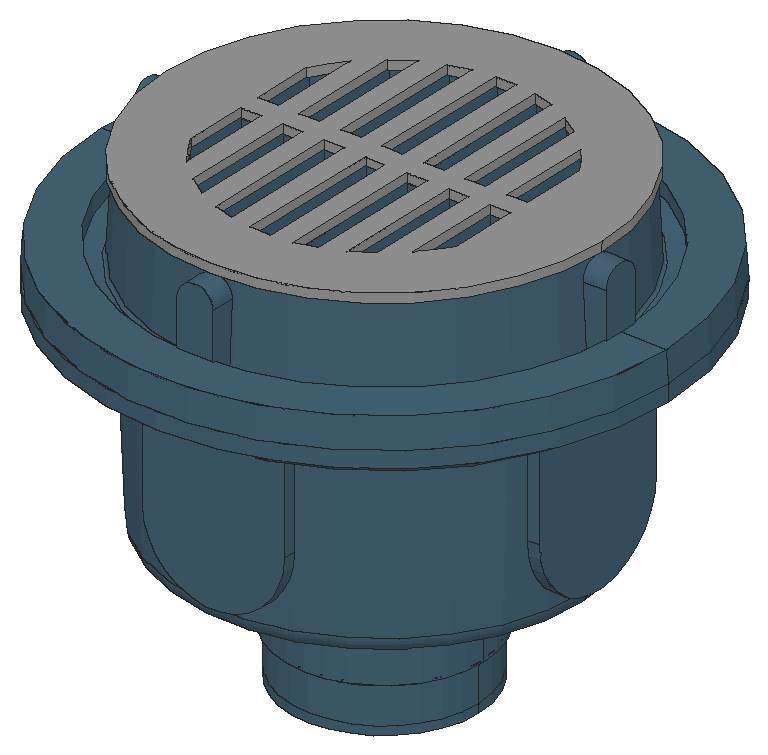
Revit family "Drain_Floor_9_Inch-Zurn -Z511-Heavy-Duty", category Plumbing Fixtures, Revit 2022
Family settings
  Round Connector Dimension = Use Radius
  Part Type = Normal
  OmniClass Number = 23.70.50.21.24.14
  OmniClass Title = Deck Waste Water Drains
  Work Plane-Based = No
  Always vertical = Yes
  Cut with Voids When Loaded = No
  Maintain Annotation Orientation = No
  Shared = No
  Room Calculation Point = No
Parameters (values of type "Load Family Type Catalog")
  Waste Connection = 1 = 1  # yes
  WFU = 1  # constant formula
  Vent Connection = 1 = 0  # no
  URL = "www.zurn.com"
  Type Comments = "ZN511-3 Inch IC Outlet"
  TopHeight = yes
  Top Material [instance] = Bronze - Zurn - Polished Nickel
  Product data url = "https://www.bimobject.com/en-us/zurnindustries/product/zurn-z511"
  Product Page URL = "https://www.zurn.com/products/drainage-interceptors/floor-drains/area-drains/z511"
  Product Documentation Link = "https://files.zurn.com/spec-sheets/z511.pdf"
  Pipe Size "A"(Outer Radius) = [Pipe Size "A" (Outer Diameter)] / 2  # 1.750"
  Pipe Size "A" (Inner Diameter) = 3.068"
  Pipe Size "A"(Innr Radius) = [Pipe Size "A" (Inner Diameter)] / 2  # 1.534"
  Pipe Size "A" (Outer Diameter) = 3.500"
  Pipe Size "A" (Nominal Radius) = [Pipe Size "A"(Nominal Diameter)] / 2  # 1.500"
  Pipe Size "A"(Nominal Diameter) = 3.000"
  Modified Date = "11/19/2025"  # constant formula
  Model = "ZN511"
  Manufacurer Brand = "Zurn"  # constant formula
  Manufacturer = "Zurn Water, LLC"  # constant formula
  Main Material [instance] = Iron - Zurn , Cast - Painted - Blue
  HWFU = 0  # constant formula
  HW Connection = 1 = 0  # no
  Grate Open Area = 18.00 in²
  Grate Model line radius = if(TopHeight, 4.594", 4.500")  # 4.594"
  FrameHeight = if(TopHeight, 2.188", 2.000")  # 2.188"
  Description = "9 [229]  DIAMETER HEAVY-DUTY DRAIN W/INTEGRAL TRAP PRIMER CONNECTION"  # constant formula
  Default Elevation = 20.000"  # constant formula
  Date Created = "04/03/2019"  # constant formula
  CWFU = 0  # constant formula
  CW Connection = 1 = 0  # no
  Assembly Code = "D2030300"
  Approx. Weight (Lbs) = 40.000"
  "E" Body Height = 7.625"
Types (19): name | Type Comments | TopHeight | Top Material | Pipe Size "A"(Outer Radius) | Pipe Size "A" (Inner Diameter) | Pipe Size "A"(Innr Radius) | Pipe Size "A" (Outer Diameter) | Pipe Size "A" (Nominal Radius) | Pipe Size "A"(Nominal Diameter) | Model | Grate Model line radius | FrameHeight | "E" Body Height
  Load Family Type Catalog | "ZN511-3 Inch IC Outlet" | yes | Bronze - Zurn - Polished Nickel | 1.750" | 3.068" | 1.534" | 3.500" | 1.500" | 3.000" | "ZN511" | 4.594" | 2.188" | 7.625"
  ZN511-4 NL | "ZN511 With 4 Inch Neo-Loc Outlet" | yes | Bronze - Zurn - Polished Nickel | 2.250" | 4.026" | 2.013" | 4.500" | 2.000" | 4.000" | "ZN511" | 4.594" | 2.188" | 6.875"
  ZN511-3 NL | "ZN511 With 3 Inch Neo-Loc Outlet" | yes | Bronze - Zurn - Polished Nickel | 1.750" | 3.068" | 1.534" | 3.500" | 1.500" | 3.000" | "ZN511" | 4.594" | 2.188" | 6.875"
  ZN511-2 NL | "ZN511 With 2 Inch Neo-Loc Outlet" | yes | Bronze - Zurn - Polished Nickel | 1.1875" | 2.067" | 1.0335" | 2.375" | 1.000" | 2.000" | "ZN511" | 4.594" | 2.188" | 6.875"
  ZN511-4 IP | "ZN511 With 3 Inch Threaded Outlet" | yes | Bronze - Zurn - Polished Nickel | 2.250" | 4.026" | 2.013" | 4.500" | 2.000" | 4.000" | "ZN511" | 4.594" | 2.188" | 7.625"
  ZN511-3 IP | "ZN511 With 3 Inch Threaded Outlet" | yes | Bronze - Zurn - Polished Nickel | 1.750" | 3.068" | 1.534" | 3.500" | 1.500" | 3.000" | "ZN511" | 4.594" | 2.188" | 7.625"
  ZN511-4 IG | "ZN511 With 4 Inch Inside Gasket Outlet" | yes | Bronze - Zurn - Polished Nickel | 2.250" | 4.026" | 2.013" | 4.500" | 2.000" | 4.000" | "ZN511" | 4.594" | 2.188" | 7.625"
  ZN511-3 IG | "ZN511 With 3 Inch Inside Gasket Outlet" | yes | Bronze - Zurn - Polished Nickel | 1.750" | 3.068" | 1.534" | 3.500" | 1.500" | 3.000" | "ZN511" | 4.594" | 2.188" | 7.625"
  ZN511-4 IC | "ZN511 With 4 Inch Inside Caulk Outlet" | yes | Bronze - Zurn - Polished Nickel | 2.250" | 4.026" | 2.013" | 4.500" | 2.000" | 4.000" | "ZN511" | 4.594" | 2.188" | 7.625"
  ZN511-3 IC | "ZN511 With 3 Inch Inside Caulk Outlet" | yes | Bronze - Zurn - Polished Nickel | 1.750" | 3.068" | 1.534" | 3.500" | 1.500" | 3.000" | "ZN511" | 4.594" | 2.188" | 7.625"
  Z511-4 NL | "Z511 With 4 Inch Neo-Loc Outlet" | no | Iron - Zurn , Cast - Painted - Blue | 2.250" | 4.026" | 2.013" | 4.500" | 2.000" | 4.000" | "Z511" | 4.500" | 2.000" | 6.875"
  Z511-3 NL | "Z511 With 3 Inch Neo-Loc Outlet" | no | Iron - Zurn , Cast - Painted - Blue | 1.750" | 3.068" | 1.534" | 3.500" | 1.500" | 3.000" | "Z511" | 4.500" | 2.000" | 6.875"
  Z511-2 NL | "Z511 With 2 Inch Neo-Loc Outlet" | no | Iron - Zurn , Cast - Painted - Blue | 1.1875" | 2.067" | 1.0335" | 2.375" | 1.000" | 2.000" | "Z511" | 4.500" | 2.000" | 6.875"
  Z511-4 IP | "Z511 With 3 Inch Threaded Outlet" | no | Iron - Zurn , Cast - Painted - Blue | 2.250" | 4.026" | 2.013" | 4.500" | 2.000" | 4.000" | "Z511" | 4.500" | 2.000" | 7.625"
  Z511-3 IP | "Z511 With 3 Inch Threaded Outlet" | no | Iron - Zurn , Cast - Painted - Blue | 1.750" | 3.068" | 1.534" | 3.500" | 1.500" | 3.000" | "Z511" | 4.500" | 2.000" | 7.625"
  Z511-4 IG | "Z511 With 4 Inch Inside Gasket Outlet" | no | Iron - Zurn , Cast - Painted - Blue | 2.250" | 4.026" | 2.013" | 4.500" | 2.000" | 4.000" | "Z511" | 4.500" | 2.000" | 7.625"
  Z511-3 IG | "Z511 With 3 Inch Inside Gasket Outlet" | no | Iron - Zurn , Cast - Painted - Blue | 1.750" | 3.068" | 1.534" | 3.500" | 1.500" | 3.000" | "Z511" | 4.500" | 2.000" | 7.625"
  Z511-4 IC | "Z511 With 4 Inch Inside Caulk Outlet" | no | Iron - Zurn , Cast - Painted - Blue | 2.250" | 4.026" | 2.013" | 4.500" | 2.000" | 4.000" | "Z511" | 4.500" | 2.000" | 7.625"
  Z511-3 IC | "Z511 With 3 Inch Inside Caulk Outlet" | no | Iron - Zurn , Cast - Painted - Blue | 1.750" | 3.068" | 1.534" | 3.500" | 1.500" | 3.000" | "Z511" | 4.500" | 2.000" | 7.625"
Reference planes (in)
  plane 1 "Center (Front/Back)": y = 0
  plane 2: z = 0
  plane 3 "Center (Left/Right)": x = 0
  plane 4: x = -4.5
  plane 5: x = 4.5
  plane 6: x = -6
  plane 7: x = 6
  plane 8: z = -2.188
  plane 9 "Outlet": z = -9.813
  plane 10: z = -0.625
  plane 11: z = -2.5005
  plane 12: x = 1.75
  plane 13: x = -1.75
  plane 14: x = 1.534
  plane 15: x = -1.534
  plane 16: x = 1.5
  plane 17: x = -1.5
  plane 18: x = 5.125
  plane 19: x = 4.25
  plane 20: x = 3.84375
  plane 21: z = -3.563
  plane 22: z = -7.063
  plane 23: y = 4.5
  plane 24: y = -4.5
  plane 25: x = 4.0625
  plane 26: y = 1.5
  plane 27: y = -1.5
  plane 28: y = 4
  plane 29: x = -4
  plane 30: z = -0.188
  plane 31: x = -0.24516
  plane 32: x = 0.19234
  plane 33: x = 0.62984
  plane 34: x = 1.06734
  plane 35: x = 1.50484
  plane 36: x = 1.94234
  plane 37: x = 2.37984
  plane 38: x = 2.81734
  plane 39: x = -0.68266
  plane 40: x = -1.12016
  plane 41: x = -1.55766
  plane 42: x = -1.99516
  plane 43: x = -2.43266
  plane 44: x = -2.87016
Forms (in)
  Revolve 1, solid, material "Iron - Zurn , Cast - Painted - Blue" <- "Main Material", detail levels fine
    sketch origin (0, 0, 0) x (1, 0, 0) y (0, 0, 1)
      loop
        line (3.84375, -2.5005) -> (4.85928, -2.5005) -> (5.5, -2.188) -> (6, -2.188) -> (5.96059, -1.55176) -> (5, -1.55176) -> (5, -1.87934) -> (4.66058, -1.93309)
        arc (4.66058, -1.93309) -> (4.61147, -1.91994) -> (4.58839, -1.87463) r 0.0625
        line (4.58839, -1.87463) -> (4.5, -0.188) -> (4.0625, -0.188) -> (4.05267, -0.7511)
        arc (4.05267, -0.7511) -> (4.03384, -0.79493) -> (3.98968, -0.813) r 0.063
        line (3.98968, -0.813) -> (3.90625, -0.813)
        arc (3.90625, -0.813) -> (3.86206, -0.83131) -> (3.84375, -0.8755) r 0.0625
        line (3.84375, -0.8755) -> (3.787, -2.5005) -> (3.84375, -2.5005)
      axis (0, -0.188) -> (0, -2.5005)
    angle from 0 to 360
  Revolve 2, solid, material "Iron - Zurn , Cast - Painted - Blue" <- "Main Material", detail levels fine
    sketch origin (0, 0, 0) x (1, 0, 0) y (0, 0, 1)
      loop
        line (6, -2.188) -> (5.5, -2.188) -> (4.85928, -2.5005) -> (4.19148, -2.5005) -> (4.02242, -6.69304)
        arc (4.02242, -6.69304) -> (3.98411, -6.77815) -> (3.89752, -6.813) r 0.125
        line (3.89752, -6.813) -> (1.75, -6.813) -> (1.75, -9.6302) -> (1.534, -9.6302) -> (1.534, -9.813) -> (2, -9.813) -> (2, -9.6302) -> (2, -8.876)
        arc (2, -8.876) -> (2.01845, -8.83145) -> (2.063, -8.813) r 0.063
        line (2.063, -8.813) -> (2.09375, -8.813) -> (2.09375, -7.063) -> (3.89752, -7.063)
        arc (3.89752, -7.063) -> (4.15729, -6.95845) -> (4.27222, -6.70311) r 0.375
        line (4.27222, -6.70311) -> (4.41939, -3.05341)
        arc (4.41939, -3.05341) -> (4.46588, -2.94117) -> (4.57813, -2.89468) r 0.15873
        line (4.57813, -2.89468) -> (5.14997, -2.89468) -> (5.42188, -2.89468) -> (6, -2.53342) -> (6, -2.188)
      axis (0, -2.188) -> (0, -9.813)
    angle from 0 to 360
  Extrusion 3, solid, material "Iron - Zurn , Cast - Painted - Blue" <- "Main Material", detail levels fine
    sketch origin (0, 0, 1.69245) x (0, 1, 0) y (0, 0, 1)
      loop
        line (0.37873, -3.62373) -> (0.37873, -2.31745)
        arc (0.37873, -2.31745) -> (0, -1.93872) -> (-0.37873, -2.31745) r 0.37873
        line (-0.37873, -2.31745) -> (-0.37873, -3.62373) -> (0.37873, -3.62373)
    from 4.47735 to 4.98855
  Extrusion 4, solid, material "Iron - Zurn , Cast - Painted - Blue" <- "Main Material", detail levels fine
    sketch origin (0, 0, 1.69245) x (-1, 0, 0) y (0, 0, 1)
      loop
        line (0.37873, -3.62373) -> (0.37873, -2.28925)
        arc (0.37873, -2.28925) -> (0, -1.91052) -> (-0.37873, -2.28925) r 0.37873
        line (-0.37873, -2.28925) -> (-0.37873, -3.62373) -> (0.37873, -3.62373)
    from 4.47735 to 4.98855
  Extrusion 5, solid, material "Iron - Zurn , Cast - Painted - Blue" <- "Main Material", detail levels fine
    sketch origin (0, 0, 1.69245) x (0, -1, 0) y (0, 0, 1)
      loop
        line (0.37873, -3.62373) -> (0.37873, -2.31745)
        arc (0.37873, -2.31745) -> (0, -1.93872) -> (-0.37873, -2.31745) r 0.37873
        line (-0.37873, -2.31745) -> (-0.37873, -3.62373) -> (0.37873, -3.62373)
    from 4.47735 to 4.98855
  Extrusion 6, solid, material "Iron - Zurn , Cast - Painted - Blue" <- "Main Material", detail levels fine
    sketch origin (0, 0, 1.69245) x (1, 0, 0) y (0, 0, 1)
      loop
        line (0.37873, -3.62373) -> (0.37873, -2.28925)
        arc (0.37873, -2.28925) -> (0, -1.91052) -> (-0.37873, -2.28925) r 0.37873
        line (-0.37873, -2.28925) -> (-0.37873, -3.62373) -> (0.37873, -3.62373)
    from 4.47735 to 4.98855
  Extrusion 7, solid, material "Iron - Zurn , Cast - Painted - Blue" <- "Main Material", detail levels fine
    sketch origin (0, 0, 1.69245) x (0, 1, 0) y (0, 0, 1)
      loop
        line (1.534, -4.74586) -> (-1.534, -4.74586) -> (-1.534, -6.77865)
        arc (-1.534, -6.77865) -> (0, -8.31265) -> (1.534, -6.77865) r 1.534
        line (1.534, -6.77865) -> (1.534, -4.74586)
    from 4.25 to 4.5
  Extrusion 8, solid, material "Iron - Zurn , Cast - Painted - Blue" <- "Main Material", detail levels fine
    sketch origin (0, 0, 1.69245) x (-1, 0, 0) y (0, 0, 1)
      loop
        line (1.5, -4.74586) -> (-1.5, -4.74586) -> (-1.5, -6.77865)
        arc (-1.5, -6.77865) -> (0, -8.27865) -> (1.5, -6.77865) r 1.5
        line (1.5, -6.77865) -> (1.5, -4.74586)
    from 4.25 to 4.5
  Extrusion 9, solid, material "Iron - Zurn , Cast - Painted - Blue" <- "Main Material", detail levels fine
    sketch origin (0, 0, 1.69245) x (0, -1, 0) y (0, 0, 1)
      loop
        line (1.534, -4.74586) -> (-1.534, -4.74586) -> (-1.534, -6.77865)
        arc (-1.534, -6.77865) -> (0, -8.31265) -> (1.534, -6.77865) r 1.534
        line (1.534, -6.77865) -> (1.534, -4.74586)
    from 4.25 to 4.5
  Extrusion 10, solid, material "Iron - Zurn , Cast - Painted - Blue" <- "Main Material", detail levels fine
    sketch origin (0, 0, 1.69245) x (1, 0, 0) y (0, 0, 1)
      loop
        line (1.5, -4.74586) -> (-1.5, -4.74586) -> (-1.5, -6.77865)
        arc (-1.5, -6.77865) -> (0, -8.27865) -> (1.5, -6.77865) r 1.5
        line (1.5, -6.77865) -> (1.5, -4.74586)
    from 4.25 to 4.5
  Extrusion 11, solid, material "Iron - Zurn , Cast - Painted - Blue" <- "Main Material", not visible, detail levels fine
    sketch origin (0, 0, 0) x (0, 1, 0) y (0, 0, 1)
      loop
        line (0.37873, -3.62373) -> (0.37873, -2.31745)
        arc (0.37873, -2.31745) -> (0, -1.93872) -> (-0.37873, -2.31745) r 0.37873
        line (-0.37873, -2.31745) -> (-0.37873, -3.62373) -> (0.37873, -3.62373)
    from 4.47735 to 4.98855
  Extrusion 12, solid, material "Iron - Zurn , Cast - Painted - Blue" <- "Main Material", not visible, detail levels fine
    sketch origin (0, 0, 0) x (-1, 0, 0) y (0, 0, 1)
      loop
        line (0.37873, -3.62373) -> (0.37873, -2.28925)
        arc (0.37873, -2.28925) -> (0, -1.91052) -> (-0.37873, -2.28925) r 0.37873
        line (-0.37873, -2.28925) -> (-0.37873, -3.62373) -> (0.37873, -3.62373)
    from 4.47735 to 4.98855
  Extrusion 13, solid, material "Iron - Zurn , Cast - Painted - Blue" <- "Main Material", not visible, detail levels fine
    sketch origin (0, 0, 0) x (0, -1, 0) y (0, 0, 1)
      loop
        line (0.37873, -3.62373) -> (0.37873, -2.31745)
        arc (0.37873, -2.31745) -> (0, -1.93872) -> (-0.37873, -2.31745) r 0.37873
        line (-0.37873, -2.31745) -> (-0.37873, -3.62373) -> (0.37873, -3.62373)
    from 4.47735 to 4.98855
  Extrusion 14, solid, material "Iron - Zurn , Cast - Painted - Blue" <- "Main Material", not visible, detail levels fine
    sketch origin (0, 0, 0) x (1, 0, 0) y (0, 0, 1)
      loop
        line (0.37873, -3.62373) -> (0.37873, -2.28925)
        arc (0.37873, -2.28925) -> (0, -1.91052) -> (-0.37873, -2.28925) r 0.37873
        line (-0.37873, -2.28925) -> (-0.37873, -3.62373) -> (0.37873, -3.62373)
    from 4.47735 to 4.98855
  Extrusion 15, solid, material "Iron - Zurn , Cast - Painted - Blue" <- "Main Material", not visible, detail levels fine
    sketch origin (0, 0, 0) x (0, 1, 0) y (0, 0, 1)
      loop
        line (1.5, -4.74586) -> (-1.5, -4.74586) -> (-1.5, -6.77865)
        arc (-1.5, -6.77865) -> (0, -8.27865) -> (1.5, -6.77865) r 1.5
        line (1.5, -6.77865) -> (1.5, -4.74586)
    from 4.25 to 4.5
  Extrusion 16, solid, material "Iron - Zurn , Cast - Painted - Blue" <- "Main Material", not visible, detail levels fine
    sketch origin (0, 0, 0) x (-1, 0, 0) y (0, 0, 1)
      loop
        line (1.5, -4.74586) -> (-1.5, -4.74586) -> (-1.5, -6.77865)
        arc (-1.5, -6.77865) -> (0, -8.27865) -> (1.5, -6.77865) r 1.5
        line (1.5, -6.77865) -> (1.5, -4.74586)
    from 4.25 to 4.5
  Extrusion 17, solid, material "Iron - Zurn , Cast - Painted - Blue" <- "Main Material", not visible, detail levels fine
    sketch origin (0, 0, 0) x (0, -1, 0) y (0, 0, 1)
      loop
        line (1.5, -4.74586) -> (-1.5, -4.74586) -> (-1.5, -6.77865)
        arc (-1.5, -6.77865) -> (0, -8.27865) -> (1.5, -6.77865) r 1.5
        line (1.5, -6.77865) -> (1.5, -4.74586)
    from 4.25 to 4.5
  Extrusion 18, solid, material "Iron - Zurn , Cast - Painted - Blue" <- "Main Material", not visible, detail levels fine
    sketch origin (0, 0, 0) x (1, 0, 0) y (0, 0, 1)
      loop
        line (1.5, -4.74586) -> (-1.5, -4.74586) -> (-1.5, -6.77865)
        arc (-1.5, -6.77865) -> (0, -8.27865) -> (1.5, -6.77865) r 1.5
        line (1.5, -6.77865) -> (1.5, -4.74586)
    from 4.25 to 4.5
  Extrusion 19, solid, not visible
    sketch origin (2.45572, 0.37159, -1.88045) x (1, 0, 0) y (0, 1, 0)
      loop
        circle (1.22874, 3.81428) r 0.30469
    from -1.23443 to -1.36376
  Extrusion 20, solid, not visible
    sketch origin (3.41701, -0.2585, -1.88045) x (1, 0, 0) y (0, 1, 0)
      loop
        circle (0.26745, 4.44436) r 0.22656
    from -1.23443 to -1.01083
  Extrusion 21, solid, not visible
    sketch origin (4.11172, -0.91282, -1.88045) x (1, 0, 0) y (0, 1, 0)
      loop
        circle (-0.42726, 5.09868) r 0.15625
    from -1.36376 to -2.81937
  Extrusion 22, solid, material "Iron - Zurn , Cast - Painted - Blue" <- "Main Material", not visible, detail levels fine
    sketch origin (0, 0, 0) x (0, 1, 0) y (0, 0, 1)
      loop
        line (1.534, -4.74586) -> (-1.534, -4.74586) -> (-1.534, -6.77865)
        arc (-1.534, -6.77865) -> (0, -8.31265) -> (1.534, -6.77865) r 1.534
        line (1.534, -6.77865) -> (1.534, -4.74586)
    from 4.25 to 4.5
  Extrusion 23, solid, material "Iron - Zurn , Cast - Painted - Blue" <- "Main Material", not visible, detail levels fine
    sketch origin (0, 0, 0) x (-1, 0, 0) y (0, 0, 1)
      loop
        line (1.5, -4.74586) -> (-1.5, -4.74586) -> (-1.5, -6.77865)
        arc (-1.5, -6.77865) -> (0, -8.27865) -> (1.5, -6.77865) r 1.5
        line (1.5, -6.77865) -> (1.5, -4.74586)
    from 4.25 to 4.5
  Extrusion 24, solid, material "Iron - Zurn , Cast - Painted - Blue" <- "Main Material", not visible, detail levels fine
    sketch origin (0, 0, 0) x (0, -1, 0) y (0, 0, 1)
      loop
        line (1.534, -4.74586) -> (-1.534, -4.74586) -> (-1.534, -6.77865)
        arc (-1.534, -6.77865) -> (0, -8.31265) -> (1.534, -6.77865) r 1.534
        line (1.534, -6.77865) -> (1.534, -4.74586)
    from 4.25 to 4.5
  Extrusion 25, solid, material "Iron - Zurn , Cast - Painted - Blue" <- "Main Material", not visible, detail levels fine
    sketch origin (0, 0, 0) x (1, 0, 0) y (0, 0, 1)
      loop
        line (1.5, -4.74586) -> (-1.5, -4.74586) -> (-1.5, -6.77865)
        arc (-1.5, -6.77865) -> (0, -8.27865) -> (1.5, -6.77865) r 1.5
        line (1.5, -6.77865) -> (1.5, -4.74586)
    from 4.25 to 4.5
  Extrusion 26, solid, material "Bronze - Zurn - Polished Nickel" <- "Top Material", visible <- "TopHeight", detail levels fine
    sketch origin (0, 0, 0) x (1, 0, 0) y (0, 1, 0)
      loop
        circle (0, 0) r 4.59375
    from 0 to -0.188
  Extrusion 27, void
    sketch origin (0, 0, 0) x (1, 0, 0) y (0, 1, 0)
      loop
        line (-0.24516, 0.24893) -> (0.19234, 0.24893) -> (0.19234, 3.2443)
        arc (0.19234, 3.2443) -> (-0.02647, 3.24989) -> (-0.24516, 3.24074) r 3.25
        line (-0.24516, 3.24074) -> (-0.24516, 0.24893)
      loop
        line (0.62984, 0.24893) -> (1.06734, 0.24893) -> (1.06734, 3.06974)
        arc (1.06734, 3.06974) -> (0.85066, 3.1367) -> (0.62984, 3.18839) r 3.25
        line (0.62984, 3.18839) -> (0.62984, 0.24893)
      loop
        line (1.50484, 0.24893) -> (1.94234, 0.24893) -> (1.94234, 2.60573)
        arc (1.94234, 2.60573) -> (1.72906, 2.75188) -> (1.50484, 2.88062) r 3.25
        line (1.50484, 2.88062) -> (1.50484, 0.24893)
      loop
        line (2.37984, 0.24893) -> (2.81734, 0.24893) -> (2.81734, 1.62022)
        arc (2.81734, 1.62022) -> (2.61546, 1.92922) -> (2.37984, 2.21334) r 3.25
        line (2.37984, 2.21334) -> (2.37984, 0.24893)
      loop
        line (-0.68266, 0.24893) -> (-0.68266, 3.17749)
        arc (-0.68266, 3.17749) -> (-0.90363, 3.12185) -> (-1.12016, 3.05086) r 3.25
        line (-1.12016, 3.05086) -> (-1.12016, 0.24893) -> (-0.68266, 0.24893)
      loop
        line (-1.55766, 0.24893) -> (-1.55766, 2.8524)
        arc (-1.55766, 2.8524) -> (-1.78219, 2.71777) -> (-1.99516, 2.56551) r 3.25
        line (-1.99516, 2.56551) -> (-1.99516, 0.24893) -> (-1.55766, 0.24893)
      loop
        line (-2.43266, 0.24893) -> (-2.43266, 2.15515)
        arc (-2.43266, 2.15515) -> (-2.67009, 1.85287) -> (-2.87016, 1.52469) r 3.25
        line (-2.87016, 1.52469) -> (-2.87016, 0.24893) -> (-2.43266, 0.24893)
      loop
        line (-0.24516, -0.18857) -> (-0.24516, -3.24074)
        arc (-0.24516, -3.24074) -> (-0.02647, -3.24989) -> (0.19234, -3.2443) r 3.25
        line (0.19234, -3.2443) -> (0.19234, -0.18857) -> (-0.24516, -0.18857)
      loop
        line (0.62984, -0.18857) -> (0.62984, -3.18839)
        arc (0.62984, -3.18839) -> (0.85066, -3.1367) -> (1.06734, -3.06974) r 3.25
        line (1.06734, -3.06974) -> (1.06734, -0.18857) -> (0.62984, -0.18857)
      loop
        line (1.50484, -0.18857) -> (1.50484, -2.88062)
        arc (1.50484, -2.88062) -> (1.72906, -2.75188) -> (1.94234, -2.60573) r 3.25
        line (1.94234, -2.60573) -> (1.94234, -0.18857) -> (1.50484, -0.18857)
      loop
        line (2.37984, -0.18857) -> (2.37984, -2.21334)
        arc (2.37984, -2.21334) -> (2.61546, -1.92922) -> (2.81734, -1.62022) r 3.25
        line (2.81734, -1.62022) -> (2.81734, -0.18857) -> (2.37984, -0.18857)
      loop
        line (-0.68266, -0.18857) -> (-1.12016, -0.18857) -> (-1.12016, -3.05086)
        arc (-1.12016, -3.05086) -> (-0.90363, -3.12185) -> (-0.68266, -3.17749) r 3.25
        line (-0.68266, -3.17749) -> (-0.68266, -0.18857)
      loop
        line (-1.55766, -0.18857) -> (-1.99516, -0.18857) -> (-1.99516, -2.56551)
        arc (-1.99516, -2.56551) -> (-1.78219, -2.71777) -> (-1.55766, -2.8524) r 3.25
        line (-1.55766, -2.8524) -> (-1.55766, -0.18857)
      loop
        line (-2.43266, -0.18857) -> (-2.87016, -0.18857) -> (-2.87016, -1.52469)
        arc (-2.87016, -1.52469) -> (-2.67009, -1.85287) -> (-2.43266, -2.15515) r 3.25
        line (-2.43266, -2.15515) -> (-2.43266, -0.18857)
    from 0 to -1
Cuts and joins
  Extrusion 27 cuts Extrusion 26
Lines and regions (in)
  Masking region 1, detail levels fine
    outline origin (0, 0, 0) x (1, 0, 0) y (0, 1, 0)
      loop
        circle (0, 0) r 6
  model lines, detail levels coarse+medium
    curve 1: circle (0, 0, 0) r 4 normal (0, 0, 1)
    curve 2: line (0, 0, 0) -> (0, 0, -9.813)
    curve 5: line (-3.07562, 2.55745, 0) -> (-3.07562, -2.55745, 0)
    curve 6: line (-2.30671, 3.26788, 0) -> (-2.30671, -3.26788, 0)
    curve 7: line (-1.53781, 3.69258, 0) -> (-1.53781, -3.69258, 0)
    curve 8: line (-0.7689, 3.9254, 0) -> (-0.7689, -3.9254, 0)
    curve 9: line (3.07562, 2.55745, 0) -> (3.07562, -2.55745, 0)
    curve 10: line (2.30671, 3.26788, 0) -> (2.30671, -3.26788, 0)
    curve 11: line (1.53781, 3.69258, 0) -> (1.53781, -3.69258, 0)
    curve 12: line (0.7689, 3.9254, 0) -> (0.7689, -3.9254, 0)
    curve 13: line (0, 4, 0) -> (0, -4, 0)
    curve 14: line (-1.69643, 3.62245, 0) -> (1.69643, 3.62245, 0)
    curve 15: line (-2.75714, 2.89796, 0) -> (2.75714, 2.89796, 0)
    curve 16: line (-3.35798, 2.17347, 0) -> (3.35798, 2.17347, 0)
    curve 17: line (-3.72833, 1.44898, 0) -> (3.72833, 1.44898, 0)
    curve 18: line (3.93384, 0.72449, 0) -> (-3.93384, 0.72449, 0)
    curve 19: line (-4, 0, 0) -> (4, 0, 0)
    curve 20: line (-1.69643, -3.62245, 0) -> (1.69643, -3.62245, 0)
    curve 21: line (-2.75714, -2.89796, 0) -> (2.75714, -2.89796, 0)
    curve 22: line (-3.35798, -2.17347, 0) -> (3.35798, -2.17347, 0)
    curve 23: line (-3.72833, -1.44898, 0) -> (3.72833, -1.44898, 0)
    curve 24: line (3.93384, -0.72449, 0) -> (-3.93384, -0.72449, 0)
    curve 25: circle (0, 0, 0) r 4.594 normal (0, 0, 1)
  model lines
    curve 3: line (0, 1.5, -9.813) -> (0, -1.5, -9.813)
    curve 4: line (-1.5, 0, -9.813) -> (1.5, 0, -9.813)
Dimensions and locks (in)
  equal spacing: plane 4, plane 3 "Center (Left/Right)", plane 5
  equal spacing: plane 6, plane 3 "Center (Left/Right)", plane 7
  locked: plane 4 to plane 5 at 9
  locked: plane 6 to plane 7 at 12
  locked: level to plane 10 at 0.625
  equal spacing: plane 13, plane 3 "Center (Left/Right)", plane 12
  equal spacing: plane 15, plane 3 "Center (Left/Right)", plane 14
  equal spacing: plane 17, plane 3 "Center (Left/Right)", plane 16
  "Pipe Size "A" (Inner Diameter)": plane 15 to plane 14
  "Pipe Size "A" (Outer Diameter)": plane 13 to plane 12
  "Pipe Size "A"(Nominal Diameter)": plane 17 to plane 16
  locked: plane 20 to plane 5 at 0.65625
  locked: plane 5 to plane 18 at 0.625
  locked: plane 8 to plane 21 at 1.375
  locked: plane 8 to plane 22 at 4.875
  locked: Revolve 1 sketch curve to Revolve 1 sketch curve at 0.5
  locked: Revolve 1 sketch curve to Revolve 1 sketch curve at 0.63624
  locked: Revolve 1 sketch curve to Revolve 1 sketch curve at 0.32757
  Revolve 1 to Revolve 2 sketch curve = 0.70668"
  locked: Revolve 2 sketch curve to Revolve 2 sketch curve at 0.57813
  locked: Revolve 2 sketch curve to Revolve 2 sketch curve at 0.84375
  Revolve 2 sketch curve to plane 5 = 0.22778"
  locked: Revolve 2 sketch curve to Revolve 2 sketch curve at 0.25  (x3)
  locked: Revolve 2 sketch curve to Revolve 2 sketch curve at 0.09375
  equal spacing: plane 23, plane 1 "Center (Front/Back)", plane 24, locked at 4.5 each
  locked: plane 25 to plane 5 at 0.4375
  equal spacing: plane 26, plane 1 "Center (Front/Back)", plane 27
  "Pipe Size "A"(Nominal Diameter)": plane 26 to plane 27
  equal spacing: curve 20, curve 21, curve 22, curve 23, curve 24, curve 19, curve 18, curve 17, curve 16, curve 15, curve 14
  equal spacing: curve 5, curve 6, curve 7, curve 8, curve 13, curve 12, curve 11, curve 10, curve 9
  locked: plane 28 to curve 19 at 4
  locked: plane 29 to curve 1 at 4
  ""E" Body Height": plane 8 to plane 9 "Outlet"
  locked: Revolve 2 sketch curve to Revolve 2 sketch curve at 0.1828
  locked: Revolve 2 sketch curve to Revolve 2 sketch curve at 1
  locked: plane 8 to Extrusion 7 at 0.86541
  locked: Extrusion 6 to plane 8 at 0.25672
  equal spacing: Extrusion 6, curve 2, Extrusion 6, locked at 0.37873 each
  locked: plane 8 to plane 11 at 0.3125
  locked: plane 30 to plane 8 at 2
  "FrameHeight": level to plane 8
  locked: plane 32 to plane 33 at 0.4375
  plane 33 to plane 34 to plane 35 to plane 36 to plane 37 to plane 38 = 0.4375" locked, 0.4375" locked, 0.4375" locked, 0.4375" locked, 0.4375" locked
  plane 39 to plane 40 to plane 41 to plane 42 to plane 43 to plane 44 = 0.4375" locked, 0.4375" locked, 0.4375" locked, 0.4375" locked, 0.4375" locked
  locked: plane 39 to plane 31 at 0.4375
  Extrusion 3 to Extrusion 3 = 0.75747"
  locked: Extrusion 10 sketch curve to Extrusion 8 at 2.03279
  locked: Extrusion 25 sketch curve to Extrusion 23 at 2.03279
  "Pipe Size "A"(Nominal Diameter)": curve 4 to curve 4
  "Pipe Size "A"(Nominal Diameter)": curve 3 to curve 3
  locked: cut or joined group of Extrusion 26, Extrusion 27 to cut or joined group of Extrusion 26, Extrusion 27 at 0.188
  radius of Extrusion 20 sketch curve = 0.22656"
  radius of Extrusion 27 sketch curve = 3.250"  (x14)
  "Grate Model line radius": radius of curve 25
  locked: Revolve 1 sketch curve to Revolve 1 sketch curve (angle 154.00°)
  locked: Revolve 1 sketch curve to Revolve 1 sketch curve (angle 84.00°)
  locked: Revolve 1 sketch curve to plane 20 (angle 2.00°)
  locked: Revolve 2 sketch curve to Revolve 2 sketch curve (angle 122.00°)
  angle Revolve 1 sketch curve to plane 19 = 1.00°
  locked: plane 11 to Revolve 2 sketch curve (angle 26.00°)
  aligned and locked: plane 2 to level
  aligned and locked: Revolve 1 sketch curve to plane 11
  aligned and locked: Revolve 1 sketch curve to plane 8
  aligned and locked: plane 5 to Revolve 1 sketch curve
  aligned and locked: plane 8 to Revolve 1 sketch curve
  aligned and locked: plane 7 to Revolve 1 sketch curve
  aligned and locked: plane 20 to Revolve 1 sketch curve
  aligned and locked: plane 11 to Revolve 1 sketch curve
  aligned and locked: plane 7 to Revolve 2 sketch curve
  aligned and locked: Revolve 2 sketch curve to plane 12
  aligned and locked: plane 3 "Center (Left/Right)" to nested 1
  aligned and locked: plane 1 "Center (Front/Back)" to nested 1
  aligned and locked: plane 5 to Extrusion 7
  aligned and locked: Extrusion 7 to plane 19
  aligned and locked: plane 25 to Revolve 1 sketch curve
  aligned and locked: plane 1 "Center (Front/Back)" to curve 1
  aligned and locked: level to curve 2
  aligned and locked: plane 9 "Outlet" to curve 2
  aligned and locked: plane 26 to curve 3
  aligned and locked: plane 1 "Center (Front/Back)" to curve 4
  aligned and locked: curve 3 to plane 3 "Center (Left/Right)"
  aligned and locked: plane 1 "Center (Front/Back)" to Masking region 1 sketch curve
  aligned and locked: plane 3 "Center (Left/Right)" to Masking region 1 sketch curve
  aligned and locked: Revolve 2 sketch curve to plane 8
  aligned and locked: Revolve 2 sketch curve to plane 9 "Outlet"
  aligned and locked: curve 13 to plane 3 "Center (Left/Right)"
  aligned and locked: Revolve 2 sketch curve to plane 11
  aligned and locked: plane 22 to Revolve 2 sketch curve
  aligned and locked: plane 30 to nested 1
  aligned and locked: plane 1 "Center (Front/Back)" to Extrusion 26 sketch curve
  aligned and locked: plane 3 "Center (Left/Right)" to Extrusion 26 sketch curve
  aligned and locked: plane 30 to Revolve 1 sketch curve
  aligned and locked: level to Extrusion 26
  aligned and locked: plane 32 to Extrusion 27 sketch curve
  aligned and locked: Extrusion 27 sketch curve to plane 31  (x2)
  aligned and locked: plane 33 to Extrusion 27 sketch curve  (x2)
  aligned and locked: Extrusion 27 sketch curve to plane 34  (x2)
  aligned and locked: plane 35 to Extrusion 27 sketch curve  (x2)
  aligned and locked: Extrusion 27 sketch curve to plane 36  (x2)
  aligned and locked: plane 37 to Extrusion 27 sketch curve
  aligned and locked: Extrusion 27 sketch curve to plane 38  (x2)
  aligned and locked: Extrusion 27 sketch curve to Extrusion 27 sketch curve  (x15)
  aligned and locked: Extrusion 27 sketch curve to plane 39
  aligned and locked: plane 40 to Extrusion 27 sketch curve
  aligned and locked: Extrusion 27 sketch curve to plane 41
  aligned and locked: plane 42 to Extrusion 27 sketch curve
  aligned and locked: Extrusion 27 sketch curve to plane 43
  aligned and locked: plane 44 to Extrusion 27 sketch curve
  aligned and locked: Extrusion 27 sketch curve to plane 37
  aligned and locked: Extrusion 27 sketch curve to plane 32
  aligned and locked: plane 39 to Extrusion 27 sketch curve
  aligned and locked: Extrusion 27 sketch curve to plane 40
  aligned and locked: plane 41 to Extrusion 27 sketch curve
  aligned and locked: Extrusion 27 sketch curve to plane 42
  aligned and locked: plane 43 to Extrusion 27 sketch curve
  aligned and locked: Extrusion 27 sketch curve to plane 44
  aligned and locked: curve 13 to Extrusion 27 sketch curve
  aligned and locked: curve 19 to Extrusion 27 sketch curve
  aligned and locked: plane 24 to Extrusion 10
  aligned and locked: plane 23 to Extrusion 8
  aligned and locked: plane 1 "Center (Front/Back)" to curve 25
  aligned and locked: plane 3 "Center (Left/Right)" to curve 25
  aligned and locked: plane 16 to curve 4
  aligned and locked: Revolve 2 sketch curve to plane 14
Automatic sketch dimensions
  Revolve 2 sketch curve to plane 3 "Center (Left/Right)" = 0.000"
  Revolve 2 sketch curve to plane 9 "Outlet" = 0.000"
  Revolve 2 sketch curve to Revolve 2 sketch curve = 0.063"
  plane 20 to Revolve 2 sketch curve = 0.05377"  (x2)
  Revolve 2 sketch curve to plane 19 = 0.05852"
  Revolve 2 sketch curve to plane 5 = 0.08061"
  Revolve 2 sketch curve to plane 18 = 0.26572"
  plane 18 to Revolve 2 sketch curve = 0.02497"
  Revolve 2 sketch curve to Revolve 2 sketch curve = 0.1828"
  Revolve 2 sketch curve to Revolve 2 sketch curve = 0.00504"
  plane 8 to Revolve 2 sketch curve = 0.03232"
  Extrusion 3 sketch curve to Extrusion 3 sketch curve = 0.37873"
  Extrusion 3 sketch curve to Extrusion 3 sketch curve = 1.30628"
  Extrusion 4 sketch curve to Extrusion 4 sketch curve = 0.37873"
  Extrusion 4 sketch curve to Extrusion 4 sketch curve = 1.33447"
  Extrusion 5 sketch curve to Extrusion 5 sketch curve = 1.30628"
  Extrusion 6 sketch curve to Extrusion 6 sketch curve = 0.37873"
  Extrusion 6 sketch curve to Extrusion 6 sketch curve = 1.33447"
  Extrusion 8 sketch curve to Extrusion 8 sketch curve = 2.03279"
  Extrusion 9 sketch curve to Extrusion 9 sketch curve = 2.03279"
  Revolve 1 sketch curve to plane 3 "Center (Left/Right)" = 0.000"
  Revolve 1 sketch curve to plane 20 = 0.000"
  Revolve 1 sketch curve to plane 9 "Outlet" = 0.000"
  Revolve 1 sketch curve to level = 0.188"
  Revolve 1 sketch curve to Revolve 1 sketch curve = 0.05675"
  Revolve 1 sketch curve to plane 25 = 0.00983"
  plane 5 to Revolve 1 sketch curve = 0.08839"
  Revolve 1 sketch curve to Revolve 1 sketch curve = 0.06241"
  Revolve 1 sketch curve to Revolve 1 sketch curve = 0.00978"
  Revolve 1 sketch curve to plane 18 = 0.125"
  Revolve 1 sketch curve to plane 7 = 0.03941"
  Revolve 1 sketch curve to Revolve 1 sketch curve = 0.05376"
  Extrusion 11 sketch curve to Extrusion 11 sketch curve = 0.37873"
  Extrusion 11 sketch curve to Extrusion 11 sketch curve = 1.30628"
  Extrusion 12 sketch curve to Extrusion 12 sketch curve = 0.37873"
  Extrusion 12 sketch curve to Extrusion 12 sketch curve = 1.33447"
  Extrusion 13 sketch curve to Extrusion 13 sketch curve = 1.30628"
  Extrusion 14 sketch curve to Extrusion 14 sketch curve = 0.37873"
  Extrusion 14 sketch curve to Extrusion 14 sketch curve = 1.33447"
  Extrusion 15 sketch curve to Extrusion 15 sketch curve = 1.500"
  Extrusion 15 sketch curve to Extrusion 15 sketch curve = 2.03279"
  Extrusion 16 sketch curve to Extrusion 16 sketch curve = 1.500"
  Extrusion 16 sketch curve to Extrusion 16 sketch curve = 2.03279"
  Extrusion 17 sketch curve to Extrusion 17 sketch curve = 1.500"
  Extrusion 17 sketch curve to Extrusion 17 sketch curve = 2.03279"
  Extrusion 18 sketch curve to Extrusion 18 sketch curve = 1.500"
  Extrusion 18 sketch curve to Extrusion 18 sketch curve = 2.03279"
  Extrusion 7 sketch curve to Extrusion 7 sketch curve = 1.534"
  Extrusion 7 sketch curve to Extrusion 7 sketch curve = 2.03279"
  Extrusion 23 sketch curve to Extrusion 23 sketch curve = 2.03279"
  Extrusion 24 sketch curve to Extrusion 24 sketch curve = 2.03279"
  Extrusion 22 sketch curve to Extrusion 22 sketch curve = 1.534"
  Extrusion 22 sketch curve to Extrusion 22 sketch curve = 2.03279"
  plane 20 to Revolve 1 sketch curve = 0.0625"
  Revolve 1 sketch curve to Revolve 1 sketch curve = 0.06299"
  Extrusion 27 sketch curve to plane 42 = 0.000"
  Extrusion 27 sketch curve to plane 33 = 0.000"
  Extrusion 27 sketch curve to plane 35 = 0.000"
  Extrusion 27 sketch curve to plane 38 = 0.000"
  plane 1 "Center (Front/Back)" to Extrusion 27 sketch curve = 0.18857"  (x6)
  Extrusion 27 sketch curve to plane 1 "Center (Front/Back)" = 0.24893"  (x6)
  Extrusion 8 sketch curve to Extrusion 8 sketch curve = 1.500"
  Extrusion 9 sketch curve to Extrusion 9 sketch curve = 1.534"
  Extrusion 23 sketch curve to Extrusion 23 sketch curve = 1.500"
  Extrusion 24 sketch curve to Extrusion 24 sketch curve = 1.534"
  Extrusion 10 sketch curve to Extrusion 10 sketch curve = 2.03279"
  Extrusion 25 sketch curve to Extrusion 25 sketch curve = 2.03279"
  curve 19 to plane 29 = 0.000"
  curve 18 to plane 1 "Center (Front/Back)" = 0.72449"
  curve 5 to curve 15 = 0.31848"
  Extrusion 5 sketch curve to Extrusion 5 sketch curve = 0.37873"
  Extrusion 13 sketch curve to Extrusion 13 sketch curve = 0.37873"
  Extrusion 10 sketch curve to Extrusion 10 sketch curve = 1.500"
  Extrusion 25 sketch curve to Extrusion 25 sketch curve = 1.500"
  radius of Masking region 1 sketch curve = 6.000"
  radius of Extrusion 21 sketch curve = 0.15625"
  radius of Extrusion 19 sketch curve = 0.30469"
  radius of Extrusion 26 sketch curve = 4.59375"
Nested families (in)
  nested 1: "Grate" at (0, 0, -0.188), Grate <- "Main Material", type "Grate", detail levels fine
    with Grate Iron - Zurn , Cast - Painted - Blue
Connectors (in)
  piping at (0, 0, -9.813), diameter 3, driven by "Pipe Size "A" (Nominal Radius)", driven by "Waste Connection"
    settings: on Revolve 2, index 1, connector inside diameter 24", connector length 0.000", flow factor 0, pipe flow 0 GPM, pressure drop 0.00 psi, fitting loss kfactor 0, connector angle 0.00°, fixture units 0, engagement length 0.000", angle of deflection 0.00°, flow configuration 0, flow direction 2, fitting loss method 0, system type 16, joint type 0, gender type 0, connector reference index -1, connector utility 1, adjustable connector yes, is connector primary yes, connector description "Sanitary Outlet"
Definition of nested family "Grate"
  Parameters (values of type "Grate")
    URL = "www.zurn.com"
    Product data url = ""
    Product Page URL = ""
    Product Installation Sheet URL = ""
    Product Documentation Link = ""
    Modified Date = ""
    Manufacurer Brand = "Zurn"  # constant formula
    Manufacturer = "Zurn Water, LLC"  # constant formula
    Grate [instance] = none
    Default Elevation = 0.000"
    Date Created = ""
    Approx. Weight (Lbs) = 0.000"
  Reference planes (in)
    plane 1 "Center (Front/Back)": y = 0
    plane 2: z = 0
    plane 3 "Center (Left/Right)": x = 0
    plane 4: x = -0.24472
    plane 5: x = 0.19278
    plane 6: x = 0.63028
    plane 7: x = 1.06778
    plane 8: x = 1.50528
    plane 9: x = 1.94278
    plane 10: x = 2.38028
    plane 11: x = 2.81778
    plane 12: y = 0.24888
    plane 13: y = -0.18862
    plane 14: x = -0.68222
    plane 15: x = -1.11972
    plane 16: x = -1.55722
    plane 17: x = -1.99472
    plane 18: x = -2.43222
    plane 19: x = -2.86972
    plane 20: z = -0.625
  Forms (in)
    Extrusion 1, solid, material <- "Grate"
      sketch origin (-0.02597, 0.03013, 0) x (1, 0, 0) y (0, 1, 0)
        loop
          circle (0.02597, -0.03013) r 4
        loop
          line (-0.21875, 0.21875) -> (0.21875, 0.21875) -> (0.21875, 3.24263)
          arc (0.21875, 3.24263) -> (0, 3.25) -> (-0.21875, 3.24263) r 3.25
          line (-0.21875, 3.24263) -> (-0.21875, 0.21875)
        loop
          line (0.65625, 0.21875) -> (1.09375, 0.21875) -> (1.09375, 3.06043)
          arc (1.09375, 3.06043) -> (0.87715, 3.1294) -> (0.65625, 3.18305) r 3.25
          line (0.65625, 3.18305) -> (0.65625, 0.21875)
        loop
          line (1.53125, 0.21875) -> (1.96875, 0.21875) -> (1.96875, 2.58583)
          arc (1.96875, 2.58583) -> (1.75562, 2.73501) -> (1.53125, 2.86667) r 3.25
          line (1.53125, 2.86667) -> (1.53125, 0.21875)
        loop
          line (2.40625, 0.21875) -> (2.84375, 0.21875) -> (2.84375, 1.5734)
          arc (2.84375, 1.5734) -> (2.64273, 1.89169) -> (2.40625, 2.1846) r 3.25
          line (2.40625, 2.1846) -> (2.40625, 0.21875)
        loop
          line (-0.65625, 0.21875) -> (-0.65625, 3.18305)
          arc (-0.65625, 3.18305) -> (-0.87715, 3.1294) -> (-1.09375, 3.06043) r 3.25
          line (-1.09375, 3.06043) -> (-1.09375, 0.21875) -> (-0.65625, 0.21875)
        loop
          line (-1.53125, 0.21875) -> (-1.53125, 2.86667)
          arc (-1.53125, 2.86667) -> (-1.75562, 2.73501) -> (-1.96875, 2.58583) r 3.25
          line (-1.96875, 2.58583) -> (-1.96875, 0.21875) -> (-1.53125, 0.21875)
        loop
          line (-2.40625, 0.21875) -> (-2.40625, 2.1846)
          arc (-2.40625, 2.1846) -> (-2.64273, 1.89169) -> (-2.84375, 1.5734) r 3.25
          line (-2.84375, 1.5734) -> (-2.84375, 0.21875) -> (-2.40625, 0.21875)
        loop
          line (-0.21875, -0.21875) -> (-0.21875, -3.24263)
          arc (-0.21875, -3.24263) -> (0, -3.25) -> (0.21875, -3.24263) r 3.25
          line (0.21875, -3.24263) -> (0.21875, -0.21875) -> (-0.21875, -0.21875)
        loop
          line (0.65625, -0.21875) -> (0.65625, -3.18305)
          arc (0.65625, -3.18305) -> (0.87715, -3.1294) -> (1.09375, -3.06043) r 3.25
          line (1.09375, -3.06043) -> (1.09375, -0.21875) -> (0.65625, -0.21875)
        loop
          line (1.53125, -0.21875) -> (1.53125, -2.86667)
          arc (1.53125, -2.86667) -> (1.75562, -2.73501) -> (1.96875, -2.58583) r 3.25
          line (1.96875, -2.58583) -> (1.96875, -0.21875) -> (1.53125, -0.21875)
        loop
          line (2.40625, -0.21875) -> (2.40625, -2.1846)
          arc (2.40625, -2.1846) -> (2.64273, -1.89169) -> (2.84375, -1.5734) r 3.25
          line (2.84375, -1.5734) -> (2.84375, -0.21875) -> (2.40625, -0.21875)
        loop
          line (-0.65625, -0.21875) -> (-1.09375, -0.21875) -> (-1.09375, -3.06043)
          arc (-1.09375, -3.06043) -> (-0.87715, -3.1294) -> (-0.65625, -3.18305) r 3.25
          line (-0.65625, -3.18305) -> (-0.65625, -0.21875)
        loop
          line (-1.53125, -0.21875) -> (-1.96875, -0.21875) -> (-1.96875, -2.58583)
          arc (-1.96875, -2.58583) -> (-1.75562, -2.73501) -> (-1.53125, -2.86667) r 3.25
          line (-1.53125, -2.86667) -> (-1.53125, -0.21875)
        loop
          line (-2.40625, -0.21875) -> (-2.84375, -0.21875) -> (-2.84375, -1.5734)
          arc (-2.84375, -1.5734) -> (-2.64273, -1.89169) -> (-2.40625, -2.1846) r 3.25
          line (-2.40625, -2.1846) -> (-2.40625, -0.21875)
      from -0.625 to 0
  Dimensions and locks (in)
    plane 4 to plane 5 = 0.4375"
    locked: plane 5 to plane 6 at 0.4375
    plane 6 to plane 7 to plane 8 to plane 9 to plane 10 to plane 11 = 0.4375" locked, 0.4375" locked, 0.4375" locked, 0.4375" locked, 0.4375" locked
    plane 13 to plane 12 = 0.4375"
    plane 14 to plane 15 to plane 16 to plane 17 to plane 18 to plane 19 = 0.4375" locked, 0.4375" locked, 0.4375" locked, 0.4375" locked, 0.4375" locked
    locked: plane 14 to plane 4 at 0.4375
    level to plane 20 = 0.625"
    radius of Extrusion 1 sketch curve = 4.000"
    radius of Extrusion 1 sketch curve = 3.250"
    aligned and locked: plane 2 to level
    aligned and locked: plane 12 to Extrusion 1 sketch curve
    aligned and locked: plane 5 to Extrusion 1 sketch curve
    aligned and locked: Extrusion 1 sketch curve to plane 4  (x2)
    aligned and locked: plane 6 to Extrusion 1 sketch curve  (x2)
    aligned and locked: Extrusion 1 sketch curve to plane 7  (x2)
    aligned and locked: plane 8 to Extrusion 1 sketch curve  (x2)
    aligned and locked: Extrusion 1 sketch curve to plane 9  (x2)
    aligned and locked: plane 10 to Extrusion 1 sketch curve
    aligned and locked: Extrusion 1 sketch curve to plane 11  (x2)
    aligned and locked: Extrusion 1 sketch curve to plane 12  (x5)
    aligned and locked: Extrusion 1 sketch curve to Extrusion 1 sketch curve  (x15)
    aligned and locked: Extrusion 1 sketch curve to plane 14
    aligned and locked: plane 15 to Extrusion 1 sketch curve
    aligned and locked: Extrusion 1 sketch curve to plane 16
    aligned and locked: plane 17 to Extrusion 1 sketch curve
    aligned and locked: Extrusion 1 sketch curve to plane 18
    aligned and locked: plane 19 to Extrusion 1 sketch curve
    aligned and locked: Extrusion 1 sketch curve to plane 13  (x5)
    aligned and locked: plane 13 to Extrusion 1 sketch curve
    aligned and locked: Extrusion 1 sketch curve to plane 10
    aligned and locked: Extrusion 1 sketch curve to plane 5
    aligned and locked: plane 14 to Extrusion 1 sketch curve
    aligned and locked: Extrusion 1 sketch curve to plane 15
    aligned and locked: plane 16 to Extrusion 1 sketch curve
    aligned and locked: Extrusion 1 sketch curve to plane 17
    aligned and locked: plane 18 to Extrusion 1 sketch curve
    aligned and locked: Extrusion 1 sketch curve to plane 19
    aligned and locked: plane 1 "Center (Front/Back)" to Extrusion 1 sketch curve
    aligned and locked: plane 3 "Center (Left/Right)" to Extrusion 1 sketch curve
    aligned and locked: Extrusion 1 to plane 20
